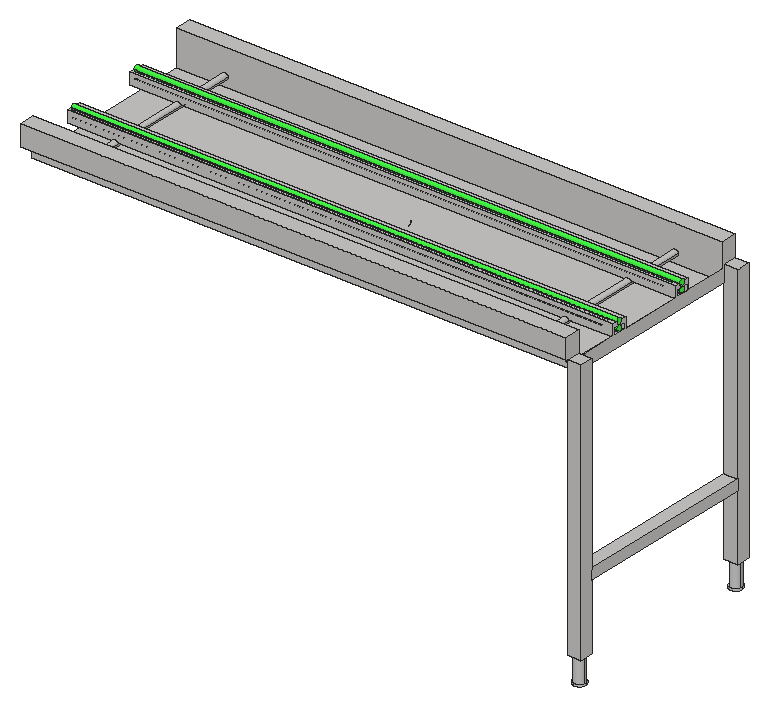
Revit family "QF_ELECTROLUXPROFESSIONAL_863154_HSBCC16", category Specialty Equipment, Revit 2018
Family settings
  Round Connector Dimension = Use Diameter
  Part Type = Normal
  Work Plane-Based = No
  Always vertical = Yes
  Cut with Voids When Loaded = No
  Shared = No
  Room Calculation Point = No
Parameters
  Weight = 0.00 kg
  Watts = 0 W
  Volts = 0 V
  URL Manufacturer = "http://professional.electrolux.com"
  URL = "http://professional.electrolux.com"
  Steam Supply Size = 0 mm
  Steam Supply Minimum Pressure = 0.0 Pa
  Steam Supply Maximum Pressure = 0.0 Pa
  Steam Pounds per Hour = 0
  Refrigeration Suction Line Size = 0 mm
  Refrigeration Liquid Line Size = 0 mm
  Refrigerant Compressor Remote = yes
  Manufacturer = "Electrolux"
  Phase = 0
  Model = "HSBCC16"
  Length Actual = 1600 mm  # constant formula
  Item Number = "863154"
  Hot Water Size = 0 mm
  Height Actual = 910 mm  # constant formula
  HP = "0 HP"
  Gas Size = 0 mm
  Gas KW = 0
  Gas Input Pressure = 0 W
  Description = "CORD CONVEYOR FOR BASKETS, L=1600 MM"
  Depth Actual = 620 mm  # constant formula
  Cycle = 0 Hz
  Condensate Return Size = 0 mm
  Compressed Air Volume = 0.0 L/s
  Compressed Air Size = 0 mm
  Compressed Air Pressure = 0.0 Pa
  Cold Water Size = 0 mm
  Accessory = yes
Reference planes
  plane 1 "Centro (Fronte/Retro)": y = 74.737
  plane 2: z = 0
  plane 3 "LEFT": x = -2038.761
  plane 4 "BACK": y = 384.737
  plane 5 "FRONT": y = -235.263
  plane 6: z = 910
  plane 7 "RIGHT": x = -438.761
  plane 8: x = -1238.761
Forms (mm)
  Extrusion 1, solid, material "QF_Finishes_Stainless Steel"
    sketch origin (11.239, 0, 0) x (0, 1, 0) y (0, 0, 1)
      loop
        line (-235.263, 910) -> (-235.263, 850.033) -> (-190.242, 850.033) -> (-190.242, 910) -> (-235.263, 910)
      loop
        line (384.737, 910) -> (339.716, 910) -> (339.716, 850.033) -> (384.737, 850.033) -> (384.737, 910)
    from -2050 to -451.2
  Extrusion 2, solid, material "QF_Finishes_Stainless Steel"
    sketch origin (11.239, 0, 0) x (0, 1, 0) y (0, 0, 1)
      loop
        line (-191.727, 850.033) -> (-191.727, 800.081) -> (341.245, 800.081) -> (341.245, 850.033) -> (339.716, 850.033) -> (339.716, 803.081) -> (-190.242, 803.081) -> (-190.242, 850.033) -> (-191.727, 850.033)
    from -2050 to -451.2
  Extrusion 3, solid, material "QF_Finishes_Stainless Steel"
    sketch origin (1061.239, 723.253, 4000) x (0, 1, 0) y (0, 0, 1)
      loop
        line (-958.516, -3090) -> (-958.516, -3149.967) -> (-934.752, -3185.632) -> (-915.4, -3185.632) -> (-915.4, -3199.919) -> (-381.633, -3199.919) -> (-381.633, -3185.632) -> (-362.281, -3185.632) -> (-338.516, -3149.967) -> (-338.516, -3090) -> (-383.538, -3090) -> (-383.538, -3161.926) -> (-913.495, -3161.926) -> (-913.495, -3090) -> (-958.516, -3090)
    from -1500 to -1501.2
  Extrusion 4, solid, material "QF_Finishes_Stainless Steel"
    sketch origin (-1477.522, 74.737, 0) x (-1, 0, 0) y (0, 0, -1)
      loop
        line (-1079.929, -300) -> (-1039.929, -300) -> (-1039.929, -270) -> (-1079.929, -270) -> (-1079.929, -300)
    from -266.504 to 266.46
  Revolve 5, solid, material "QF_Finishes_Stainless Steel"
    sketch origin (0, 74.737, 0) x (1, 0, 0) y (0, 0, 1)
      loop
        line (-1315.255, 800.081) -> (-1315.255, 786.333)
        arc (-1315.255, 786.333) -> (-1314.651, 784.73) -> (-1313.151, 783.903) r 2.474
        arc (-1313.151, 783.903) -> (-1309.843, 780.044) -> (-1313.138, 776.173) r 3.913
        arc (-1313.138, 776.173) -> (-1314.648, 775.341) -> (-1315.255, 773.728) r 2.49
        line (-1315.255, 773.728) -> (-1315.255, 733.404)
        arc (-1315.255, 733.404) -> (-1304.605, 702.706) -> (-1277.218, 685.219) r 49.516
        line (-1277.218, 685.219) -> (-1277.218, 682.73) -> (-1276.011, 681.079) -> (-1276.011, 679.492) -> (-1262.231, 673.492) -> (-1262.231, 638.761) -> (-1260.707, 637.3) -> (-1238.761, 637.3) -> (-1238.761, 800.081) -> (-1315.255, 800.081)
      axis (-1238.761, 800.081) -> (-1238.761, 637.3)
    angle from 0 to 360
  Extrusion 6, solid, material "QF_Finishes_Stainless Steel"
    sketch origin (0, 74.737, 0) x (1, 0, 0) y (0, 0, 1)
      loop
        circle (-1898.761, 831.05) r 8.5
    from -265 to 264.979
  Extrusion 7, solid, material "QF_Finishes_Stainless Steel"
    sketch origin (2140, 74.737, 0) x (1, 0, 0) y (0, 0, 1)
      loop
        circle (-2718.761, 831.05) r 8.5
    from -265 to 265
  Extrusion 8, solid, material "QF_Finishes_Stainless Steel"
    sketch origin (-438.761, 0, 0) x (0, 1, 0) y (0, 0, 1)
      loop
        line (-62.763, 869.045) -> (-62.763, 835.05) -> (-60.363, 835.05) -> (-60.363, 857.845) -> (-19.763, 857.845) -> (-19.763, 835.05) -> (-17.763, 835.05) -> (-17.763, 869.045) -> (-30.056, 869.045) -> (-35.275, 860.005) -> (-45.251, 860.005) -> (-50.47, 869.045) -> (-62.763, 869.045)
      loop
        line (212.237, 869.045) -> (199.944, 869.045) -> (194.725, 860.005) -> (184.749, 860.005) -> (179.53, 869.045) -> (167.237, 869.045) -> (167.237, 835.05) -> (169.237, 835.05) -> (169.237, 857.845) -> (209.837, 857.845) -> (209.837, 835.05) -> (212.237, 835.05) -> (212.237, 869.045)
    from 0 to -1600
  Extrusion 9, solid, material "QF_Finishes_Green"
    sketch origin (-438.761, 0, 0) x (0, 1, 0) y (0, 0, 1)
      loop
        circle (-40.263, 868.505) r 7.5
      loop
        circle (-40.263, 848.505) r 7.5
      loop
        circle (189.737, 868.505) r 7.5
      loop
        circle (189.737, 848.505) r 7.5
    from 0 to -1600
Cuts and joins
  joined: Extrusion 1, Extrusion 2, Extrusion 3, Extrusion 6, Extrusion 7, Extrusion 8
Lines and regions (mm)
  Split face 1
    outline origin (-773.782, -239.063, 803.081) x (0, 1, 0) y (-1, 0, 0)
      loop
        circle (313.8, 464.979) r 3
  Split face 2
    outline origin (-773.782, -239.063, 803.081) x (0, 1, 0) y (-1, 0, 0)
      loop
        circle (313.8, 464.979) r 9
  Split face 3
    outline origin (-773.782, -239.063, 803.081) x (0, 1, 0) y (-1, 0, 0)
      loop
        circle (313.8, 464.979) r 26
  Split face 4
    outline origin (-773.782, -239.063, 803.081) x (0, 1, 0) y (-1, 0, 0)
      loop
        circle (313.8, 464.979) r 36
  Split face 5
    outline origin (-773.782, -239.063, 803.081) x (0, 1, 0) y (-1, 0, 0)
      loop
        circle (313.8, 464.979) r 53
  symbolic lines
    curve 1: line (-438.761, 384.737, 0) -> (-2038.761, 384.737, 0)
    curve 2: line (-2038.761, 384.737, 0) -> (-2038.761, -235.263, 0)
    curve 3: line (-2038.761, 339.716, 0) -> (-438.761, 339.716, 0)
    curve 4: line (-2038.761, -235.263, 0) -> (-438.761, -235.263, 0)
    curve 5: line (-438.761, -235.263, 0) -> (-438.761, 384.737, 0)
    curve 6: line (-438.761, -190.242, 0) -> (-2038.761, -190.242, 0)
    curve 7: line (-2038.761, 74.737, 0) -> (-2008.761, 74.737, 0)
    curve 8: line (-438.761, 74.737, 0) -> (-468.761, 74.737, 0)
    curve 9: circle (-1238.761, 74.737, 0) r 23.47 normal (0, 0, 1)
    curve 10: line (-438.761, 212.237, 0) -> (-2038.761, 212.237, 0)
    curve 11: line (-2038.761, 167.237, 0) -> (-438.761, 167.237, 0)
    curve 12: line (-438.761, -17.763, 0) -> (-2038.761, -17.763, 0)
    curve 13: line (-2038.761, -62.763, 0) -> (-438.761, -62.763, 0)
    curve 14: line (-2038.761, -47.763, 0) -> (-438.761, -47.763, 0)
    curve 15: line (-2038.761, -32.763, 0) -> (-438.761, -32.763, 0)
    curve 16: line (-2038.761, 197.237, 0) -> (-438.761, 197.237, 0)
    curve 17: line (-2038.761, 182.237, 0) -> (-438.761, 182.237, 0)
    curve 18: line (-1907.261, 339.716, 0) -> (-1907.261, 212.237, 0)
    curve 19: line (-1890.261, 339.716, 0) -> (-1890.261, 212.237, 0)
    curve 20: line (-1890.261, 167.237, 0) -> (-1890.261, -17.763, 0)
    curve 21: line (-1907.261, 167.237, 0) -> (-1907.261, -17.763, 0)
    curve 22: line (-1907.261, -62.763, 0) -> (-1907.261, -190.242, 0)
    curve 23: line (-1890.261, -62.763, 0) -> (-1890.261, -190.242, 0)
    curve 24: line (-587.261, 339.716, 0) -> (-587.261, 212.237, 0)
    curve 25: line (-570.261, 339.716, 0) -> (-570.261, 212.237, 0)
    curve 26: line (-570.261, 167.237, 0) -> (-570.261, -17.763, 0)
    curve 27: line (-587.261, 167.237, 0) -> (-587.261, -17.763, 0)
    curve 28: line (-587.261, -62.763, 0) -> (-587.261, -190.242, 0)
    curve 29: line (-570.261, -62.763, 0) -> (-570.261, -190.242, 0)
Dimensions and locks
  plane 3 "LEFT" to plane 7 "RIGHT" = 1600 mm
  equal spacing: plane 4 "BACK", plane 1 "Centro (Fronte/Retro)", plane 5 "FRONT"
  plane 4 "BACK" to plane 5 "FRONT" = 620 mm
  equal spacing: plane 3 "LEFT", plane 8, plane 7 "RIGHT"
  locked: Extrusion 6 sketch curve to plane 3 "LEFT" at 140
  locked: plane 7 "RIGHT" to Extrusion 7 sketch curve at 140
  aligned and locked: level to plane 2
  aligned and locked: curve 9 to Revolve 5
  aligned and locked: plane 8 to Split face 5  (x2)
  aligned and locked: plane 8 to Split face 4  (x2)
  aligned and locked: plane 8 to cut or joined group of Extrusion 1, Extrusion 2, Extrusion 3, Extrusion 6, Extrusion 7, Extrusion 8  (x4)
  aligned and locked: plane 8 to Split face 3  (x2)
  aligned and locked: plane 8 to Split face 2  (x2)
  aligned and locked: plane 8 to Split face 1  (x2)
  aligned and locked: Extrusion 2 to plane 3 "LEFT"
  aligned and locked: Extrusion 1 to plane 3 "LEFT"
  aligned and locked: Extrusion 8 to plane 3 "LEFT"
  aligned and locked: cut or joined group of Extrusion 1, Extrusion 2, Extrusion 3, Extrusion 6, Extrusion 7, Extrusion 8 to plane 3 "LEFT"  (x2)
  aligned and locked: plane 3 "LEFT" to curve 6
  aligned and locked: plane 3 "LEFT" to curve 4
  aligned and locked: Extrusion 9 to plane 3 "LEFT"
Automatic sketch dimensions
  Extrusion 1 sketch curve to plane 5 "FRONT" = 0 mm
  Extrusion 1 sketch curve to plane 6 = 0 mm  (x2)
  Extrusion 1 sketch curve to plane 4 "BACK" = 0 mm
  plane 5 "FRONT" to Extrusion 1 sketch curve = 45.021 mm
  Extrusion 1 sketch curve to plane 4 "BACK" = 45.021 mm
  Extrusion 1 sketch curve to Extrusion 1 sketch curve = 59.967 mm  (x2)
  plane 5 "FRONT" to Extrusion 2 sketch curve = 43.536 mm
  Extrusion 2 sketch curve to Extrusion 2 sketch curve = 1.486 mm
  Extrusion 2 sketch curve to plane 4 "BACK" = 45.021 mm
  Extrusion 2 sketch curve to Extrusion 2 sketch curve = 1.529 mm
  Extrusion 2 sketch curve to plane 6 = 109.919 mm
  Extrusion 2 sketch curve to Extrusion 2 sketch curve = 3 mm
  Extrusion 2 sketch curve to Extrusion 2 sketch curve = 46.952 mm  (x2)
  Extrusion 3 sketch curve to plane 5 "FRONT" = 0 mm
  Extrusion 3 sketch curve to plane 6 = 0 mm  (x2)
  Extrusion 3 sketch curve to plane 4 "BACK" = 0 mm
  plane 5 "FRONT" to Extrusion 3 sketch curve = 23.764 mm
  Extrusion 3 sketch curve to Extrusion 3 sketch curve = 19.352 mm  (x2)
  plane 5 "FRONT" to Extrusion 3 sketch curve = 45.021 mm
  Extrusion 3 sketch curve to plane 4 "BACK" = 45.021 mm
  Extrusion 3 sketch curve to Extrusion 3 sketch curve = 1.905 mm
  Extrusion 3 sketch curve to Extrusion 3 sketch curve = 59.967 mm  (x2)
  Extrusion 3 sketch curve to Extrusion 3 sketch curve = 11.959 mm
  Extrusion 3 sketch curve to Extrusion 3 sketch curve = 23.706 mm  (x2)
  Extrusion 3 sketch curve to Extrusion 3 sketch curve = 14.287 mm
  Extrusion 4 sketch curve to plane 7 "RIGHT" = 41.168 mm
  Extrusion 4 sketch curve to plane 7 "RIGHT" = 1.168 mm
  Extrusion 4 sketch curve to level = 270 mm
  Extrusion 4 sketch curve to Extrusion 4 sketch curve = 30 mm
  Extrusion 6 sketch curve to plane 6 = 78.95 mm
  Extrusion 7 sketch curve to plane 6 = 78.95 mm
  plane 1 "Centro (Fronte/Retro)" to Extrusion 8 sketch curve = 137.5 mm
  Extrusion 8 sketch curve to Extrusion 8 sketch curve = 2.4 mm  (x2)
  Extrusion 8 sketch curve to plane 6 = 40.955 mm  (x3)
  Extrusion 8 sketch curve to Extrusion 8 sketch curve = 12.293 mm  (x2)
  Extrusion 8 sketch curve to Extrusion 8 sketch curve = 5.219 mm  (x4)
  Extrusion 8 sketch curve to Extrusion 8 sketch curve = 9.976 mm  (x2)
  Extrusion 8 sketch curve to Extrusion 8 sketch curve = 10.293 mm
  Extrusion 8 sketch curve to Extrusion 8 sketch curve = 2 mm  (x2)
  Extrusion 8 sketch curve to plane 1 "Centro (Fronte/Retro)" = 92.5 mm
  Extrusion 8 sketch curve to plane 6 = 49.995 mm
  Extrusion 8 sketch curve to Extrusion 8 sketch curve = 9.893 mm
  Extrusion 8 sketch curve to Extrusion 8 sketch curve = 11.2 mm
  Extrusion 8 sketch curve to Extrusion 8 sketch curve = 2.16 mm
  Extrusion 8 sketch curve to Extrusion 8 sketch curve = 22.795 mm  (x4)
  Extrusion 8 sketch curve to Extrusion 8 sketch curve = 9.04 mm  (x2)
  plane 1 "Centro (Fronte/Retro)" to Extrusion 9 sketch curve = 115 mm
  Extrusion 9 sketch curve to Extrusion 9 sketch curve = 0 mm  (x2)
  Extrusion 9 sketch curve to plane 1 "Centro (Fronte/Retro)" = 115 mm
  Extrusion 9 sketch curve to plane 6 = 61.495 mm  (x2)
  Extrusion 9 sketch curve to Extrusion 9 sketch curve = 20 mm  (x2)
  plane 1 "Centro (Fronte/Retro)" to curve 7 = 0 mm
  plane 1 "Centro (Fronte/Retro)" to curve 8 = 0 mm
  curve 15 to plane 7 "RIGHT" = 0 mm
  curve 4 to plane 5 "FRONT" = 0 mm
  curve 2 to plane 4 "BACK" = 0 mm
  plane 3 "LEFT" to curve 7 = 30 mm
  curve 18 to plane 4 "BACK" = 45.021 mm
  plane 3 "LEFT" to curve 18 = 131.5 mm
  plane 5 "FRONT" to curve 22 = 45.021 mm
  plane 3 "LEFT" to curve 22 = 131.5 mm
  curve 21 to curve 18 = 0 mm
  curve 18 to curve 19 = 17 mm
  curve 21 to curve 20 = 17 mm
  curve 22 to curve 23 = 17 mm
  curve 28 to plane 7 "RIGHT" = 148.5 mm
  curve 24 to plane 7 "RIGHT" = 148.5 mm
  curve 27 to curve 28 = 0 mm
  curve 27 to curve 26 = 17 mm
  curve 24 to curve 25 = 17 mm
  curve 28 to curve 29 = 17 mm
  curve 8 to plane 7 "RIGHT" = 30 mm
  curve 13 to curve 14 = 15 mm
  curve 14 to curve 15 = 15 mm
  curve 15 to curve 12 = 15 mm
  curve 11 to curve 17 = 15 mm
  curve 16 to curve 10 = 15 mm
  Revolve 5 sketch curve to plane 8 = 0 mm  (x2)
  Revolve 5 sketch curve to Revolve 5 sketch curve = 21.946 mm
  Revolve 5 sketch curve to Revolve 5 sketch curve = 1.524 mm
  Revolve 5 sketch curve to plane 8 = 26.978 mm
  Revolve 5 sketch curve to Revolve 5 sketch curve = 13.78 mm
  Revolve 5 sketch curve to Revolve 5 sketch curve = 1.206 mm
  Revolve 5 sketch curve to Revolve 5 sketch curve = 47.026 mm
  Revolve 5 sketch curve to Revolve 5 sketch curve = 0.016 mm  (x3)
  Revolve 5 sketch curve to Revolve 5 sketch curve = 0.976 mm
  Revolve 5 sketch curve to Revolve 5 sketch curve = 2.474 mm
  Revolve 5 sketch curve to Revolve 5 sketch curve = 2.49 mm
  Revolve 5 sketch curve to Revolve 5 sketch curve = 0 mm
  Revolve 5 sketch curve to plane 6 = 272.7 mm
  Revolve 5 sketch curve to Revolve 5 sketch curve = 1.461 mm
  Revolve 5 sketch curve to Revolve 5 sketch curve = 34.731 mm
  Revolve 5 sketch curve to Revolve 5 sketch curve = 6 mm
  Revolve 5 sketch curve to Revolve 5 sketch curve = 1.588 mm
  Revolve 5 sketch curve to Revolve 5 sketch curve = 1.651 mm
  Revolve 5 sketch curve to Revolve 5 sketch curve = 2.488 mm
  Revolve 5 sketch curve to Revolve 5 sketch curve = 48.167 mm
  Revolve 5 sketch curve to Revolve 5 sketch curve = 40.307 mm
  Revolve 5 sketch curve to Revolve 5 sketch curve = 6.326 mm
  Revolve 5 sketch curve to Revolve 5 sketch curve = 6.296 mm
  Revolve 5 sketch curve to Revolve 5 sketch curve = 13.748 mm
  Revolve 5 sketch curve to Revolve 5 sketch curve = 0.373 mm
  Revolve 5 sketch curve to Revolve 5 sketch curve = 38.557 mm
  plane 6 to Revolve 5 sketch curve = 8.743 mm
  cut or joined group of Extrusion 1, Extrusion 2, Extrusion 3, Extrusion 6, Extrusion 7, Extrusion 8 to Split face 1 sketch curve = 264.979 mm
  cut or joined group of Extrusion 1, Extrusion 2, Extrusion 3, Extrusion 6, Extrusion 7, Extrusion 8 to Split face 1 sketch curve = 798.8 mm
  cut or joined group of Extrusion 1, Extrusion 2, Extrusion 3, Extrusion 6, Extrusion 7, Extrusion 8 to Split face 2 sketch curve = 264.979 mm
  cut or joined group of Extrusion 1, Extrusion 2, Extrusion 3, Extrusion 6, Extrusion 7, Extrusion 8 to Split face 2 sketch curve = 798.8 mm
  cut or joined group of Extrusion 1, Extrusion 2, Extrusion 3, Extrusion 6, Extrusion 7, Extrusion 8 to Split face 3 sketch curve = 264.979 mm
  cut or joined group of Extrusion 1, Extrusion 2, Extrusion 3, Extrusion 6, Extrusion 7, Extrusion 8 to Split face 3 sketch curve = 798.8 mm
  cut or joined group of Extrusion 1, Extrusion 2, Extrusion 3, Extrusion 6, Extrusion 7, Extrusion 8 to Split face 4 sketch curve = 264.979 mm
  cut or joined group of Extrusion 1, Extrusion 2, Extrusion 3, Extrusion 6, Extrusion 7, Extrusion 8 to Split face 4 sketch curve = 798.8 mm
  cut or joined group of Extrusion 1, Extrusion 2, Extrusion 3, Extrusion 6, Extrusion 7, Extrusion 8 to Split face 5 sketch curve = 264.979 mm
  cut or joined group of Extrusion 1, Extrusion 2, Extrusion 3, Extrusion 6, Extrusion 7, Extrusion 8 to Split face 5 sketch curve = 798.8 mm
  curve 6 to curve 13 = 127.479 mm
  curve 20 to curve 19 = 45 mm
  curve 26 to plane 1 "Centro (Fronte/Retro)" = 92.5 mm
  radius of Extrusion 6 sketch curve = 8.5 mm
  radius of Extrusion 7 sketch curve = 8.5 mm
  radius of Extrusion 9 sketch curve = 7.5 mm  (x4)
  radius of Split face 1 sketch curve = 3 mm
  radius of Split face 2 sketch curve = 9 mm
  radius of Split face 3 sketch curve = 26 mm
  radius of Split face 4 sketch curve = 36 mm
  radius of Split face 5 sketch curve = 53 mm
Nested families
  nested 1: "Foot_40x40" at (-417.593, 361.245, 0) x (-1, 0, 0) z (0, 0, 1), type "Foot_40x40"
    with A 850.033 mm
  nested 2: "Foot_40x40" at (-417.593, -211.771, 0) x (-1, 0, 0) z (0, 0, 1), type "Foot_40x40"
    with A 850.033 mm
Connectors
  piping at (-1238.761, 74.737, 637.3), diameter 40
    settings: on Revolve 5, index 1, connector inside diameter 609.6 mm, connector length 0 mm, flow factor 0, pipe flow 0.0 L/s, pressure drop 0.0 Pa, fitting loss kfactor 0, connector angle 0.00°, fixture units 0, engagement length 0 mm, angle of deflection 0.00°, flow configuration 1, flow direction 2, fitting loss method 0, system type 16, joint type 0, gender type 0, connector reference index -1, connector utility 0, adjustable connector no, is connector primary yes, connector description "Drain"
Definition of nested family "Foot_40x40"
  Parameters
    A [instance] = 850 mm
  Reference planes
    plane 1 "Centro (Fronte/Retro)": y = 0
    plane 2: z = 0
    plane 3 "Centro (Sinistra/Destra)": x = 0
    plane 4: z = 850
  Forms (mm)
    Extrusion 1, solid
      sketch origin (0, 0, 0) x (1, 0, 0) y (0, 1, 0)
        loop
          circle (0, 0) r 18
      from 0 to 5
    Extrusion 2, solid
      sketch origin (0, 0, 5) x (1, 0, 0) y (0, 1, 0)
        loop
          circle (0, 0) r 15
      from 0 to 70
    Extrusion 3, solid
      sketch origin (0, 0, 75) x (1, 0, 0) y (0, 1, 0)
        loop
          line (-20, 20) -> (-20, -20) -> (20, -20) -> (20, 20) -> (-20, 20)
      from 0 to 775
  Dimensions and locks
    "A": plane 4 to plane 2
    aligned and locked: level to plane 2
    aligned and locked: plane 4 to Extrusion 3
    aligned and locked: Extrusion 1 to level
  Automatic sketch dimensions
    plane 1 "Centro (Fronte/Retro)" to Extrusion 1 sketch curve = 0 mm
    Extrusion 1 sketch curve to plane 3 "Centro (Sinistra/Destra)" = 0 mm
    Extrusion 3 sketch curve to Extrusion 3 sketch curve = 40 mm  (x2)
    radius of Extrusion 1 sketch curve = 18 mm
    radius of Extrusion 2 sketch curve to Extrusion 1 = 3 mm
